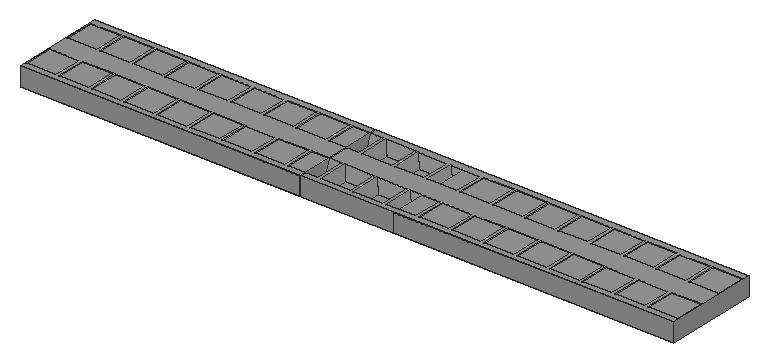
Revit family "2023773", category Lighting Fixtures, host Face, Revit 2018
Family settings
  Host = Face
  Round Connector Dimension = Use Diameter
  Part Type = Normal
  OmniClass Number = 23.80.70.00
  OmniClass Title = Lighting
  Cut with Voids When Loaded = No
  Light Source = Yes
  Shared = No
  Room Calculation Point = No
Parameters (values of type "2023773 OPTIX S 1500 2L D/I HO 4K ALU DA EM")
  Weight = "n/a"
  Wattage Comments = ""
  Wattage = 9.2903 W
  WarrantyStartDate [instance] = "n/a"
  WarrantyGuarantorParts = "n/a"
  WarrantyDurationUnit = "n/a"
  WarrantyDurationParts = ""
  WarrantyDescription = "http://www.sylvania-lighting.com"
  built-in parameter 1150110 = 1 (stored number, unit not read)
  Voltage = 0 V
  URL = "0.98"
  TypeName = "OPTIX SURFACE 1500 2L D/I HO 4000K ALU DALI EM"
  Type Image = <None>
  Type Comments = "n/a"
  built-in parameter 1114217 = 1 (stored number, unit not read)
  Tilt Angle = -90.00°
  built-in parameter 1150109 = 1 (stored number, unit not read)
  built-in parameter 1150134 = 3
  built-in parameter 1150113 = 1 (stored number, unit not read)
  SerialNumber [instance] = "n/a"
  Photometric Web File = "2023773.ies"
  Material_3_SYL = none
  PowerFactor = 0
  PowerConsumption = "Lighting"
  NominalLength = 200 mm
  NominalHeight = 45 mm
  NominalDepth = 200 mm
  Name = "OPTIX SURFACE 1500 2L D/I HO 4000K ALU DALI EM"
  ModelReference = Name  # "OPTIX SURFACE 1500 2L D/I HO 4000K ALU DALI EM"
  ModelNumber = "2023773"
  Model = Name  # "OPTIX SURFACE 1500 2L D/I HO 4000K ALU DALI EM"
  Material = "Feilo Sylvania"
  ManufacturerName = "143 lm/W"
  Manufacturer = ""
  LuminousEfficacy = ""
  built-in parameter 1150105 = 109.82 (stored number, unit not read)
  Lumens = 1380 lm
  LuminaireType = "0"
  built-in parameter 1150115 = 1 (stored number, unit not read)
  LightOutputRatio = "LED"
  built-in parameter 1150137 = (empty or 0)
  built-in parameter 1150139 = (empty or 0)
  LampsType = Lamp  # "n/a"
  LampNominalLuminous = "4000 K"
  LampMacAdamStep = "80"
  LampColourTemperature = "LED"
  LampColourRenderingIndex = "16500"
  built-in parameter 1150112 = 1 (stored number, unit not read)
  built-in parameter 1150114 = 1 (stored number, unit not read)
  Lamp = "n/a"
  Keynote = "n/a"
  InstallationDate [instance] = "n/a"
  InputVoltage = "0"
  InputNominalFrequency = "4000"
  built-in parameter 1150132 = (empty or 0)
  built-in parameter 1150102 = (empty or 0)
  built-in parameter 1150107 = 3200 (stored number, unit not read)
  built-in parameter 1150138 = (empty or 0)
  IngressProtection = "IfcLightFixtureType"
  ImpactProtectionIndex = "IfcLightFixtureType"
  built-in parameter 1150106 = 1.0982 (stored number, unit not read)
  IfcExportType = "IfcLightFixtureType"
  IfcExportAs = "Class I"
  Emit from Circle Diameter = 609.6 mm
  Emit Shape Visible in Rendering = no
  ElectricShockClassification = "143"
  built-in parameter 1150104 = 13.8 (stored number, unit not read)
  DocumentationLiterature = "http://www.sylvania-lighting.com/product/en-int/products/2023773"
  DimmingControlOptions = "n/a"
  Material_2_SYL = none
  Dimming Lamp Color Temperature Shift = <None>
  Description = "OPTIX SURFACE 1500x200 2 LINE D/I HO 4000K ALU DALI EM is a high efficacy low glare luminaire for office and education applications. Direct / Indirect lighting with 80% downlight and 20% uplight ratio for ceiling suspended mounting. Size: 1410x200x45mm. Aluminised plastic extra low glare optics in 2 lines configuration. White RAL9016 fixture body. DALI dimmable. 3hr maintained emergency version.  4000K Neutral White LED, CRI>80, chromaticity tolerance of 3-step MacAdam ellipse. Luminous flux 7000lm. Power consumption 48W. Luminaire efficacy 146lm/W. Lifespan: 60,000 hours L90B10. UGR<16, Luminance at 65°<200 Cd/m2, IK07, IP20. Photobiological safety risk group 1. Electrical protection Class I. Glow wire test 850°C."
  Default Elevation = 1219.2 mm
  CreatedOn = "22/09/2022"
  CreatedBy = "@sylvania-lighting.com"
  Cost = 0
  Color Filter = 16777215
  built-in parameter 1114216 [instance] = (empty or 0)
  ClassificationValue = "EF_70_80"
  ClassificationName = "Uniclass2015"
  Material_1_SYL = none
  BarCode [instance] = "n/a"
  built-in parameter 1114218 = 1 (stored number, unit not read)
  built-in parameter 1150133 = 10 (stored number, unit not read)
  AssetType = "Fixed"
  AssetIdentifier [instance] = "n/a"
  Assembly Code = "D5020200"
  Apparent Load = 49 VA
  Material_4_SYL = none
Reference planes
  plane 1 "Center (Front/Back)": y = 0
  plane 2: z = 0
  plane 3 "Center (Left/Right)": x = 0
  plane 4: x = -100
  plane 5: x = 100
  plane 6: y = 100
  plane 7: y = -100
  plane 8: z = 45
  plane 9: x = -698.5
  plane 10: x = 698.5
  plane 11: x = -633
  plane 12: y = 23
  plane 13: y = -23
  plane 14: x = -563
  plane 15: x = -557
  plane 16: x = -493
  plane 17: x = -487
  plane 18: x = -423
  plane 19: x = -417
  plane 20: x = -353
  plane 21: x = -347
  plane 22: x = -283
  plane 23: x = -277
  plane 24: x = -213
  plane 25: x = -206.997
  plane 26: x = -142.997
  plane 27: x = -136.997
  plane 28: x = -72.997
  plane 29: x = -66.997
  plane 30: x = -2.997
  plane 31: x = 3.003
  plane 32: x = 67.003
  plane 33: x = 73.003
  plane 34: x = 137.003
  plane 35: x = 143.003
  plane 36: x = 207.003
  plane 37: x = 213.003
  plane 38: x = 277.003
  plane 39: x = 283.003
  plane 40: x = 347.003
  plane 41: x = 353.003
  plane 42: x = 417.003
  plane 43: x = 423.003
  plane 44: x = 487.003
  plane 45: x = 493.003
  plane 46: x = 557.003
  plane 47: x = 563.003
  plane 48: x = 627.003
  plane 49: x = 633.003
  plane 50: x = -627
  plane 51: x = 697.011
  plane 52: x = -697
  plane 53: y = -87
  plane 54: y = -55
  plane 55: y = -33.5
  plane 56: y = -76.5
  plane 57: x = -665
  plane 58: x = -643.5
  plane 59: x = -686.5
  plane 60: x = -595
  plane 61: y = -5
  plane 62: z = 52.5
Forms (mm)
  Extrusion 1, solid, material "Aluminum", detail levels medium+fine
    sketch origin (0, 0, 0) x (1, 0, 0) y (0, 1, 0)
      loop
        line (-512.5, 10) -> (-512.5, -10) -> (-487.5, -10) -> (-487.5, 10) -> (-512.5, 10)
    from 0 to 6
  Extrusion 2, solid, material "Aluminum", detail levels medium+fine
    sketch origin (0, 0, 0) x (1, 0, 0) y (0, 1, 0)
      loop
        line (486, 10) -> (486, -10) -> (511, -10) -> (511, 10) -> (486, 10)
    from 0 to 6
  Extrusion 3, solid, material "Aluminum", detail levels medium+fine
    sketch origin (0, 0, 0) x (1, 0, 0) y (0, 1, 0)
      loop
        line (-698.5, 100) -> (-698.5, -100) -> (698.5, -100) -> (698.5, 100) -> (-698.5, 100)
    from 6 to 45
  Extrusion 4, solid, material "Aluminum", detail levels medium+fine
    sketch origin (0, 0, 0) x (1, 0, 0) y (0, 1, 0)
      loop
        line (-100, 100) -> (-698.5, 100) -> (-698.5, -100) -> (-100, -100) -> (-100, 100)
    from 6 to 45
  Extrusion 5, solid, material "Aluminum", detail levels medium+fine
    sketch origin (0, 0, 0) x (1, 0, 0) y (0, 1, 0)
      loop
        line (698.5, 100) -> (100, 100) -> (100, -100) -> (698.5, -100) -> (698.5, 100)
    from 6 to 45
  Blend 6, void
    base sketch origin (0, 0, 0) x (1, 0, 0) y (0, 1, 0)
      loop
        line (-697, -23) -> (-697, -87) -> (-633, -87) -> (-633, -23) -> (-697, -23)
    top sketch origin (0, 0, 0) x (1, 0, 0) y (0, 1, 0)
      loop
        line (-686.5, -33.5) -> (-686.5, -76.5) -> (-643.5, -76.5) -> (-643.5, -33.5) -> (-686.5, -33.5)
    from 45 to 18.5
  Extrusion 7, solid, material "Glass, White, High Luminance", detail levels fine
    sketch origin (0, 0, 0) x (1, 0, 0) y (0, 1, 0)
      loop
        line (-686.5, -33.5) -> (-686.5, -76.5) -> (-643.5, -76.5) -> (-643.5, -33.5) -> (-686.5, -33.5)
    from 18.5 to 20
  Blend 8, void
    base sketch origin (70, 0, 0) x (1, 0, 0) y (0, 1, 0)
      loop
        line (-697, -23) -> (-697, -87) -> (-633, -87) -> (-633, -23) -> (-697, -23)
    top sketch origin (70, 0, 0) x (1, 0, 0) y (0, 1, 0)
      loop
        line (-686.5, -33.5) -> (-686.5, -76.5) -> (-643.5, -76.5) -> (-643.5, -33.5) -> (-686.5, -33.5)
    from 45 to 18.5
  Blend 9, void
    base sketch origin (140, 0, 0) x (1, 0, 0) y (0, 1, 0)
      loop
        line (-697, -23) -> (-697, -87) -> (-633, -87) -> (-633, -23) -> (-697, -23)
    top sketch origin (140, 0, 0) x (1, 0, 0) y (0, 1, 0)
      loop
        line (-686.5, -33.5) -> (-686.5, -76.5) -> (-643.5, -76.5) -> (-643.5, -33.5) -> (-686.5, -33.5)
    from 45 to 18.5
  Blend 10, void
    base sketch origin (210, 0, 0) x (1, 0, 0) y (0, 1, 0)
      loop
        line (-697, -23) -> (-697, -87) -> (-633, -87) -> (-633, -23) -> (-697, -23)
    top sketch origin (210, 0, 0) x (1, 0, 0) y (0, 1, 0)
      loop
        line (-686.5, -33.5) -> (-686.5, -76.5) -> (-643.5, -76.5) -> (-643.5, -33.5) -> (-686.5, -33.5)
    from 45 to 18.5
  Blend 11, void
    base sketch origin (280, 0, 0) x (1, 0, 0) y (0, 1, 0)
      loop
        line (-697, -23) -> (-697, -87) -> (-633, -87) -> (-633, -23) -> (-697, -23)
    top sketch origin (280, 0, 0) x (1, 0, 0) y (0, 1, 0)
      loop
        line (-686.5, -33.5) -> (-686.5, -76.5) -> (-643.5, -76.5) -> (-643.5, -33.5) -> (-686.5, -33.5)
    from 45 to 18.5
  Blend 12, void
    base sketch origin (350, 0, 0) x (1, 0, 0) y (0, 1, 0)
      loop
        line (-697, -23) -> (-697, -87) -> (-633, -87) -> (-633, -23) -> (-697, -23)
    top sketch origin (350, 0, 0) x (1, 0, 0) y (0, 1, 0)
      loop
        line (-686.5, -33.5) -> (-686.5, -76.5) -> (-643.5, -76.5) -> (-643.5, -33.5) -> (-686.5, -33.5)
    from 45 to 18.5
  Blend 13, void
    base sketch origin (420, 0, 0) x (1, 0, 0) y (0, 1, 0)
      loop
        line (-697, -23) -> (-697, -87) -> (-633, -87) -> (-633, -23) -> (-697, -23)
    top sketch origin (420, 0, 0) x (1, 0, 0) y (0, 1, 0)
      loop
        line (-686.5, -33.5) -> (-686.5, -76.5) -> (-643.5, -76.5) -> (-643.5, -33.5) -> (-686.5, -33.5)
    from 45 to 18.5
  Blend 14, void
    base sketch origin (490.003, 0, 0) x (1, 0, 0) y (0, 1, 0)
      loop
        line (-697, -23) -> (-697, -87) -> (-633, -87) -> (-633, -23) -> (-697, -23)
    top sketch origin (490.003, 0, 0) x (1, 0, 0) y (0, 1, 0)
      loop
        line (-686.5, -33.5) -> (-686.5, -76.5) -> (-643.5, -76.5) -> (-643.5, -33.5) -> (-686.5, -33.5)
    from 45 to 18.5
  Blend 15, void
    base sketch origin (560.003, 0, 0) x (1, 0, 0) y (0, 1, 0)
      loop
        line (-697, -23) -> (-697, -87) -> (-633, -87) -> (-633, -23) -> (-697, -23)
    top sketch origin (560.003, 0, 0) x (1, 0, 0) y (0, 1, 0)
      loop
        line (-686.5, -33.5) -> (-686.5, -76.5) -> (-643.5, -76.5) -> (-643.5, -33.5) -> (-686.5, -33.5)
    from 45 to 18.5
  Blend 16, void
    base sketch origin (630.003, 0, 0) x (1, 0, 0) y (0, 1, 0)
      loop
        line (-697, -23) -> (-697, -87) -> (-633, -87) -> (-633, -23) -> (-697, -23)
    top sketch origin (630.003, 0, 0) x (1, 0, 0) y (0, 1, 0)
      loop
        line (-686.5, -33.5) -> (-686.5, -76.5) -> (-643.5, -76.5) -> (-643.5, -33.5) -> (-686.5, -33.5)
    from 45 to 18.5
  Blend 17, void
    base sketch origin (700.003, 0, 0) x (1, 0, 0) y (0, 1, 0)
      loop
        line (-697, -23) -> (-697, -87) -> (-633, -87) -> (-633, -23) -> (-697, -23)
    top sketch origin (700.003, 0, 0) x (1, 0, 0) y (0, 1, 0)
      loop
        line (-686.5, -33.5) -> (-686.5, -76.5) -> (-643.5, -76.5) -> (-643.5, -33.5) -> (-686.5, -33.5)
    from 45 to 18.5
  Blend 18, void
    base sketch origin (770.003, 0, 0) x (1, 0, 0) y (0, 1, 0)
      loop
        line (-697, -23) -> (-697, -87) -> (-633, -87) -> (-633, -23) -> (-697, -23)
    top sketch origin (770.003, 0, 0) x (1, 0, 0) y (0, 1, 0)
      loop
        line (-686.5, -33.5) -> (-686.5, -76.5) -> (-643.5, -76.5) -> (-643.5, -33.5) -> (-686.5, -33.5)
    from 45 to 18.5
  Blend 19, void
    base sketch origin (840.003, 0, 0) x (1, 0, 0) y (0, 1, 0)
      loop
        line (-697, -23) -> (-697, -87) -> (-633, -87) -> (-633, -23) -> (-697, -23)
    top sketch origin (840.003, 0, 0) x (1, 0, 0) y (0, 1, 0)
      loop
        line (-686.5, -33.5) -> (-686.5, -76.5) -> (-643.5, -76.5) -> (-643.5, -33.5) -> (-686.5, -33.5)
    from 45 to 18.5
  Blend 20, void
    base sketch origin (910.003, 0, 0) x (1, 0, 0) y (0, 1, 0)
      loop
        line (-697, -23) -> (-697, -87) -> (-633, -87) -> (-633, -23) -> (-697, -23)
    top sketch origin (910.003, 0, 0) x (1, 0, 0) y (0, 1, 0)
      loop
        line (-686.5, -33.5) -> (-686.5, -76.5) -> (-643.5, -76.5) -> (-643.5, -33.5) -> (-686.5, -33.5)
    from 45 to 18.5
  Blend 21, void
    base sketch origin (980.003, 0, 0) x (1, 0, 0) y (0, 1, 0)
      loop
        line (-697, -23) -> (-697, -87) -> (-633, -87) -> (-633, -23) -> (-697, -23)
    top sketch origin (980.003, 0, 0) x (1, 0, 0) y (0, 1, 0)
      loop
        line (-686.5, -33.5) -> (-686.5, -76.5) -> (-643.5, -76.5) -> (-643.5, -33.5) -> (-686.5, -33.5)
    from 45 to 18.5
  Blend 22, void
    base sketch origin (1050.003, 0, 0) x (1, 0, 0) y (0, 1, 0)
      loop
        line (-697, -23) -> (-697, -87) -> (-633, -87) -> (-633, -23) -> (-697, -23)
    top sketch origin (1050.003, 0, 0) x (1, 0, 0) y (0, 1, 0)
      loop
        line (-686.5, -33.5) -> (-686.5, -76.5) -> (-643.5, -76.5) -> (-643.5, -33.5) -> (-686.5, -33.5)
    from 45 to 18.5
  Blend 23, void
    base sketch origin (1120.003, 0, 0) x (1, 0, 0) y (0, 1, 0)
      loop
        line (-697, -23) -> (-697, -87) -> (-633, -87) -> (-633, -23) -> (-697, -23)
    top sketch origin (1120.003, 0, 0) x (1, 0, 0) y (0, 1, 0)
      loop
        line (-686.5, -33.5) -> (-686.5, -76.5) -> (-643.5, -76.5) -> (-643.5, -33.5) -> (-686.5, -33.5)
    from 45 to 18.5
  Blend 24, void
    base sketch origin (1190.003, 0, 0) x (1, 0, 0) y (0, 1, 0)
      loop
        line (-697, -23) -> (-697, -87) -> (-633, -87) -> (-633, -23) -> (-697, -23)
    top sketch origin (1190.003, 0, 0) x (1, 0, 0) y (0, 1, 0)
      loop
        line (-686.5, -33.5) -> (-686.5, -76.5) -> (-643.5, -76.5) -> (-643.5, -33.5) -> (-686.5, -33.5)
    from 45 to 18.5
  Blend 25, void
    base sketch origin (1260.003, 0, 0) x (1, 0, 0) y (0, 1, 0)
      loop
        line (-697, -23) -> (-697, -87) -> (-633, -87) -> (-633, -23) -> (-697, -23)
    top sketch origin (1260.003, 0, 0) x (1, 0, 0) y (0, 1, 0)
      loop
        line (-686.5, -33.5) -> (-686.5, -76.5) -> (-643.5, -76.5) -> (-643.5, -33.5) -> (-686.5, -33.5)
    from 45 to 18.5
  Blend 26, void
    base sketch origin (1330.003, 0, 0) x (1, 0, 0) y (0, 1, 0)
      loop
        line (-697, -23) -> (-697, -87) -> (-633, -87) -> (-633, -23) -> (-697, -23)
    top sketch origin (1330.003, 0, 0) x (1, 0, 0) y (0, 1, 0)
      loop
        line (-686.5, -33.5) -> (-686.5, -76.5) -> (-643.5, -76.5) -> (-643.5, -33.5) -> (-686.5, -33.5)
    from 45 to 18.5
  Extrusion 27, solid, material "Glass, White, High Luminance", detail levels fine
    sketch origin (70, 0, 0) x (1, 0, 0) y (0, 1, 0)
      loop
        line (-686.5, -33.5) -> (-686.5, -76.5) -> (-643.5, -76.5) -> (-643.5, -33.5) -> (-686.5, -33.5)
    from 18.5 to 20
  Extrusion 28, solid, material "Glass, White, High Luminance", detail levels fine
    sketch origin (140, 0, 0) x (1, 0, 0) y (0, 1, 0)
      loop
        line (-686.5, -33.5) -> (-686.5, -76.5) -> (-643.5, -76.5) -> (-643.5, -33.5) -> (-686.5, -33.5)
    from 18.5 to 20
  Extrusion 29, solid, material "Glass, White, High Luminance", detail levels fine
    sketch origin (210, 0, 0) x (1, 0, 0) y (0, 1, 0)
      loop
        line (-686.5, -33.5) -> (-686.5, -76.5) -> (-643.5, -76.5) -> (-643.5, -33.5) -> (-686.5, -33.5)
    from 18.5 to 20
  Extrusion 30, solid, material "Glass, White, High Luminance", detail levels fine
    sketch origin (280, 0, 0) x (1, 0, 0) y (0, 1, 0)
      loop
        line (-686.5, -33.5) -> (-686.5, -76.5) -> (-643.5, -76.5) -> (-643.5, -33.5) -> (-686.5, -33.5)
    from 18.5 to 20
  Extrusion 31, solid, material "Glass, White, High Luminance", detail levels fine
    sketch origin (350, 0, 0) x (1, 0, 0) y (0, 1, 0)
      loop
        line (-686.5, -33.5) -> (-686.5, -76.5) -> (-643.5, -76.5) -> (-643.5, -33.5) -> (-686.5, -33.5)
    from 18.5 to 20
  Extrusion 32, solid, material "Glass, White, High Luminance", detail levels fine
    sketch origin (420, 0, 0) x (1, 0, 0) y (0, 1, 0)
      loop
        line (-686.5, -33.5) -> (-686.5, -76.5) -> (-643.5, -76.5) -> (-643.5, -33.5) -> (-686.5, -33.5)
    from 18.5 to 20
  Extrusion 33, solid, material "Glass, White, High Luminance", detail levels fine
    sketch origin (490.003, 0, 0) x (1, 0, 0) y (0, 1, 0)
      loop
        line (-686.5, -33.5) -> (-686.5, -76.5) -> (-643.5, -76.5) -> (-643.5, -33.5) -> (-686.5, -33.5)
    from 18.5 to 20
  Extrusion 34, solid, material "Glass, White, High Luminance", detail levels fine
    sketch origin (560.003, 0, 0) x (1, 0, 0) y (0, 1, 0)
      loop
        line (-686.5, -33.5) -> (-686.5, -76.5) -> (-643.5, -76.5) -> (-643.5, -33.5) -> (-686.5, -33.5)
    from 18.5 to 20
  Extrusion 35, solid, material "Glass, White, High Luminance", detail levels fine
    sketch origin (630.003, 0, 0) x (1, 0, 0) y (0, 1, 0)
      loop
        line (-686.5, -33.5) -> (-686.5, -76.5) -> (-643.5, -76.5) -> (-643.5, -33.5) -> (-686.5, -33.5)
    from 18.5 to 20
  Extrusion 36, solid, material "Glass, White, High Luminance", detail levels fine
    sketch origin (700.003, 0, 0) x (1, 0, 0) y (0, 1, 0)
      loop
        line (-686.5, -33.5) -> (-686.5, -76.5) -> (-643.5, -76.5) -> (-643.5, -33.5) -> (-686.5, -33.5)
    from 18.5 to 20
  Extrusion 37, solid, material "Glass, White, High Luminance", detail levels fine
    sketch origin (770.003, 0, 0) x (1, 0, 0) y (0, 1, 0)
      loop
        line (-686.5, -33.5) -> (-686.5, -76.5) -> (-643.5, -76.5) -> (-643.5, -33.5) -> (-686.5, -33.5)
    from 18.5 to 20
  Extrusion 38, solid, material "Glass, White, High Luminance", detail levels fine
    sketch origin (840.003, 0, 0) x (1, 0, 0) y (0, 1, 0)
      loop
        line (-686.5, -33.5) -> (-686.5, -76.5) -> (-643.5, -76.5) -> (-643.5, -33.5) -> (-686.5, -33.5)
    from 18.5 to 20
  Extrusion 39, solid, material "Glass, White, High Luminance", detail levels fine
    sketch origin (910.003, 0, 0) x (1, 0, 0) y (0, 1, 0)
      loop
        line (-686.5, -33.5) -> (-686.5, -76.5) -> (-643.5, -76.5) -> (-643.5, -33.5) -> (-686.5, -33.5)
    from 18.5 to 20
  Extrusion 40, solid, material "Glass, White, High Luminance", detail levels fine
    sketch origin (980.003, 0, 0) x (1, 0, 0) y (0, 1, 0)
      loop
        line (-686.5, -33.5) -> (-686.5, -76.5) -> (-643.5, -76.5) -> (-643.5, -33.5) -> (-686.5, -33.5)
    from 18.5 to 20
  Extrusion 41, solid, material "Glass, White, High Luminance", detail levels fine
    sketch origin (1050.003, 0, 0) x (1, 0, 0) y (0, 1, 0)
      loop
        line (-686.5, -33.5) -> (-686.5, -76.5) -> (-643.5, -76.5) -> (-643.5, -33.5) -> (-686.5, -33.5)
    from 18.5 to 20
  Extrusion 42, solid, material "Glass, White, High Luminance", detail levels fine
    sketch origin (1120.003, 0, 0) x (1, 0, 0) y (0, 1, 0)
      loop
        line (-686.5, -33.5) -> (-686.5, -76.5) -> (-643.5, -76.5) -> (-643.5, -33.5) -> (-686.5, -33.5)
    from 18.5 to 20
  Extrusion 43, solid, material "Glass, White, High Luminance", detail levels fine
    sketch origin (1190.003, 0, 0) x (1, 0, 0) y (0, 1, 0)
      loop
        line (-686.5, -33.5) -> (-686.5, -76.5) -> (-643.5, -76.5) -> (-643.5, -33.5) -> (-686.5, -33.5)
    from 18.5 to 20
  Extrusion 44, solid, material "Glass, White, High Luminance", detail levels fine
    sketch origin (1260.003, 0, 0) x (1, 0, 0) y (0, 1, 0)
      loop
        line (-686.5, -33.5) -> (-686.5, -76.5) -> (-643.5, -76.5) -> (-643.5, -33.5) -> (-686.5, -33.5)
    from 18.5 to 20
  Extrusion 45, solid, material "Glass, White, High Luminance", detail levels fine
    sketch origin (1330.003, 0, 0) x (1, 0, 0) y (0, 1, 0)
      loop
        line (-686.5, -33.5) -> (-686.5, -76.5) -> (-643.5, -76.5) -> (-643.5, -33.5) -> (-686.5, -33.5)
    from 18.5 to 20
  Blend 46, void
    base sketch origin (0, 110, 0) x (1, 0, 0) y (0, 1, 0)
      loop
        line (-697, -23) -> (-697, -87) -> (-633, -87) -> (-633, -23) -> (-697, -23)
    top sketch origin (0, 110, 0) x (1, 0, 0) y (0, 1, 0)
      loop
        line (-686.5, -33.5) -> (-686.5, -76.5) -> (-643.5, -76.5) -> (-643.5, -33.5) -> (-686.5, -33.5)
    from 45 to 18.5
  Blend 47, void
    base sketch origin (70, 110, 0) x (1, 0, 0) y (0, 1, 0)
      loop
        line (-697, -23) -> (-697, -87) -> (-633, -87) -> (-633, -23) -> (-697, -23)
    top sketch origin (70, 110, 0) x (1, 0, 0) y (0, 1, 0)
      loop
        line (-686.5, -33.5) -> (-686.5, -76.5) -> (-643.5, -76.5) -> (-643.5, -33.5) -> (-686.5, -33.5)
    from 45 to 18.5
  Blend 48, void
    base sketch origin (140, 110, 0) x (1, 0, 0) y (0, 1, 0)
      loop
        line (-697, -23) -> (-697, -87) -> (-633, -87) -> (-633, -23) -> (-697, -23)
    top sketch origin (140, 110, 0) x (1, 0, 0) y (0, 1, 0)
      loop
        line (-686.5, -33.5) -> (-686.5, -76.5) -> (-643.5, -76.5) -> (-643.5, -33.5) -> (-686.5, -33.5)
    from 45 to 18.5
  Blend 49, void
    base sketch origin (210, 110, 0) x (1, 0, 0) y (0, 1, 0)
      loop
        line (-697, -23) -> (-697, -87) -> (-633, -87) -> (-633, -23) -> (-697, -23)
    top sketch origin (210, 110, 0) x (1, 0, 0) y (0, 1, 0)
      loop
        line (-686.5, -33.5) -> (-686.5, -76.5) -> (-643.5, -76.5) -> (-643.5, -33.5) -> (-686.5, -33.5)
    from 45 to 18.5
  Blend 50, void
    base sketch origin (280, 110, 0) x (1, 0, 0) y (0, 1, 0)
      loop
        line (-697, -23) -> (-697, -87) -> (-633, -87) -> (-633, -23) -> (-697, -23)
    top sketch origin (280, 110, 0) x (1, 0, 0) y (0, 1, 0)
      loop
        line (-686.5, -33.5) -> (-686.5, -76.5) -> (-643.5, -76.5) -> (-643.5, -33.5) -> (-686.5, -33.5)
    from 45 to 18.5
  Blend 51, void
    base sketch origin (350, 110, 0) x (1, 0, 0) y (0, 1, 0)
      loop
        line (-697, -23) -> (-697, -87) -> (-633, -87) -> (-633, -23) -> (-697, -23)
    top sketch origin (350, 110, 0) x (1, 0, 0) y (0, 1, 0)
      loop
        line (-686.5, -33.5) -> (-686.5, -76.5) -> (-643.5, -76.5) -> (-643.5, -33.5) -> (-686.5, -33.5)
    from 45 to 18.5
  Blend 52, void
    base sketch origin (420, 110, 0) x (1, 0, 0) y (0, 1, 0)
      loop
        line (-697, -23) -> (-697, -87) -> (-633, -87) -> (-633, -23) -> (-697, -23)
    top sketch origin (420, 110, 0) x (1, 0, 0) y (0, 1, 0)
      loop
        line (-686.5, -33.5) -> (-686.5, -76.5) -> (-643.5, -76.5) -> (-643.5, -33.5) -> (-686.5, -33.5)
    from 45 to 18.5
  Blend 53, void
    base sketch origin (490.003, 110, 0) x (1, 0, 0) y (0, 1, 0)
      loop
        line (-697, -23) -> (-697, -87) -> (-633, -87) -> (-633, -23) -> (-697, -23)
    top sketch origin (490.003, 110, 0) x (1, 0, 0) y (0, 1, 0)
      loop
        line (-686.5, -33.5) -> (-686.5, -76.5) -> (-643.5, -76.5) -> (-643.5, -33.5) -> (-686.5, -33.5)
    from 45 to 18.5
  Blend 54, void
    base sketch origin (560.003, 110, 0) x (1, 0, 0) y (0, 1, 0)
      loop
        line (-697, -23) -> (-697, -87) -> (-633, -87) -> (-633, -23) -> (-697, -23)
    top sketch origin (560.003, 110, 0) x (1, 0, 0) y (0, 1, 0)
      loop
        line (-686.5, -33.5) -> (-686.5, -76.5) -> (-643.5, -76.5) -> (-643.5, -33.5) -> (-686.5, -33.5)
    from 45 to 18.5
  Blend 55, void
    base sketch origin (630.003, 110, 0) x (1, 0, 0) y (0, 1, 0)
      loop
        line (-697, -23) -> (-697, -87) -> (-633, -87) -> (-633, -23) -> (-697, -23)
    top sketch origin (630.003, 110, 0) x (1, 0, 0) y (0, 1, 0)
      loop
        line (-686.5, -33.5) -> (-686.5, -76.5) -> (-643.5, -76.5) -> (-643.5, -33.5) -> (-686.5, -33.5)
    from 45 to 18.5
  Blend 56, void
    base sketch origin (700.003, 110, 0) x (1, 0, 0) y (0, 1, 0)
      loop
        line (-697, -23) -> (-697, -87) -> (-633, -87) -> (-633, -23) -> (-697, -23)
    top sketch origin (700.003, 110, 0) x (1, 0, 0) y (0, 1, 0)
      loop
        line (-686.5, -33.5) -> (-686.5, -76.5) -> (-643.5, -76.5) -> (-643.5, -33.5) -> (-686.5, -33.5)
    from 45 to 18.5
  Blend 57, void
    base sketch origin (770.003, 110, 0) x (1, 0, 0) y (0, 1, 0)
      loop
        line (-697, -23) -> (-697, -87) -> (-633, -87) -> (-633, -23) -> (-697, -23)
    top sketch origin (770.003, 110, 0) x (1, 0, 0) y (0, 1, 0)
      loop
        line (-686.5, -33.5) -> (-686.5, -76.5) -> (-643.5, -76.5) -> (-643.5, -33.5) -> (-686.5, -33.5)
    from 45 to 18.5
  Blend 58, void
    base sketch origin (840.003, 110, 0) x (1, 0, 0) y (0, 1, 0)
      loop
        line (-697, -23) -> (-697, -87) -> (-633, -87) -> (-633, -23) -> (-697, -23)
    top sketch origin (840.003, 110, 0) x (1, 0, 0) y (0, 1, 0)
      loop
        line (-686.5, -33.5) -> (-686.5, -76.5) -> (-643.5, -76.5) -> (-643.5, -33.5) -> (-686.5, -33.5)
    from 45 to 18.5
  Blend 59, void
    base sketch origin (910.003, 110, 0) x (1, 0, 0) y (0, 1, 0)
      loop
        line (-697, -23) -> (-697, -87) -> (-633, -87) -> (-633, -23) -> (-697, -23)
    top sketch origin (910.003, 110, 0) x (1, 0, 0) y (0, 1, 0)
      loop
        line (-686.5, -33.5) -> (-686.5, -76.5) -> (-643.5, -76.5) -> (-643.5, -33.5) -> (-686.5, -33.5)
    from 45 to 18.5
  Blend 60, void
    base sketch origin (980.003, 110, 0) x (1, 0, 0) y (0, 1, 0)
      loop
        line (-697, -23) -> (-697, -87) -> (-633, -87) -> (-633, -23) -> (-697, -23)
    top sketch origin (980.003, 110, 0) x (1, 0, 0) y (0, 1, 0)
      loop
        line (-686.5, -33.5) -> (-686.5, -76.5) -> (-643.5, -76.5) -> (-643.5, -33.5) -> (-686.5, -33.5)
    from 45 to 18.5
  Blend 61, void
    base sketch origin (1050.003, 110, 0) x (1, 0, 0) y (0, 1, 0)
      loop
        line (-697, -23) -> (-697, -87) -> (-633, -87) -> (-633, -23) -> (-697, -23)
    top sketch origin (1050.003, 110, 0) x (1, 0, 0) y (0, 1, 0)
      loop
        line (-686.5, -33.5) -> (-686.5, -76.5) -> (-643.5, -76.5) -> (-643.5, -33.5) -> (-686.5, -33.5)
    from 45 to 18.5
  Blend 62, void
    base sketch origin (1120.003, 110, 0) x (1, 0, 0) y (0, 1, 0)
      loop
        line (-697, -23) -> (-697, -87) -> (-633, -87) -> (-633, -23) -> (-697, -23)
    top sketch origin (1120.003, 110, 0) x (1, 0, 0) y (0, 1, 0)
      loop
        line (-686.5, -33.5) -> (-686.5, -76.5) -> (-643.5, -76.5) -> (-643.5, -33.5) -> (-686.5, -33.5)
    from 45 to 18.5
  Blend 63, void
    base sketch origin (1190.003, 110, 0) x (1, 0, 0) y (0, 1, 0)
      loop
        line (-697, -23) -> (-697, -87) -> (-633, -87) -> (-633, -23) -> (-697, -23)
    top sketch origin (1190.003, 110, 0) x (1, 0, 0) y (0, 1, 0)
      loop
        line (-686.5, -33.5) -> (-686.5, -76.5) -> (-643.5, -76.5) -> (-643.5, -33.5) -> (-686.5, -33.5)
    from 45 to 18.5
  Blend 64, void
    base sketch origin (1260.003, 110, 0) x (1, 0, 0) y (0, 1, 0)
      loop
        line (-697, -23) -> (-697, -87) -> (-633, -87) -> (-633, -23) -> (-697, -23)
    top sketch origin (1260.003, 110, 0) x (1, 0, 0) y (0, 1, 0)
      loop
        line (-686.5, -33.5) -> (-686.5, -76.5) -> (-643.5, -76.5) -> (-643.5, -33.5) -> (-686.5, -33.5)
    from 45 to 18.5
  Blend 65, void
    base sketch origin (1330.003, 110, 0) x (1, 0, 0) y (0, 1, 0)
      loop
        line (-697, -23) -> (-697, -87) -> (-633, -87) -> (-633, -23) -> (-697, -23)
    top sketch origin (1330.003, 110, 0) x (1, 0, 0) y (0, 1, 0)
      loop
        line (-686.5, -33.5) -> (-686.5, -76.5) -> (-643.5, -76.5) -> (-643.5, -33.5) -> (-686.5, -33.5)
    from 45 to 18.5
  Extrusion 66, solid, material "Glass, White, High Luminance", detail levels fine
    sketch origin (0, 110, 0) x (1, 0, 0) y (0, 1, 0)
      loop
        line (-686.5, -33.5) -> (-686.5, -76.5) -> (-643.5, -76.5) -> (-643.5, -33.5) -> (-686.5, -33.5)
    from 18.5 to 20
  Extrusion 67, solid, material "Glass, White, High Luminance", detail levels fine
    sketch origin (70, 110, 0) x (1, 0, 0) y (0, 1, 0)
      loop
        line (-686.5, -33.5) -> (-686.5, -76.5) -> (-643.5, -76.5) -> (-643.5, -33.5) -> (-686.5, -33.5)
    from 18.5 to 20
  Extrusion 68, solid, material "Glass, White, High Luminance", detail levels fine
    sketch origin (140, 110, 0) x (1, 0, 0) y (0, 1, 0)
      loop
        line (-686.5, -33.5) -> (-686.5, -76.5) -> (-643.5, -76.5) -> (-643.5, -33.5) -> (-686.5, -33.5)
    from 18.5 to 20
  Extrusion 69, solid, material "Glass, White, High Luminance", detail levels fine
    sketch origin (210, 110, 0) x (1, 0, 0) y (0, 1, 0)
      loop
        line (-686.5, -33.5) -> (-686.5, -76.5) -> (-643.5, -76.5) -> (-643.5, -33.5) -> (-686.5, -33.5)
    from 18.5 to 20
  Extrusion 70, solid, material "Glass, White, High Luminance", detail levels fine
    sketch origin (280, 110, 0) x (1, 0, 0) y (0, 1, 0)
      loop
        line (-686.5, -33.5) -> (-686.5, -76.5) -> (-643.5, -76.5) -> (-643.5, -33.5) -> (-686.5, -33.5)
    from 18.5 to 20
  Extrusion 71, solid, material "Glass, White, High Luminance", detail levels fine
    sketch origin (350, 110, 0) x (1, 0, 0) y (0, 1, 0)
      loop
        line (-686.5, -33.5) -> (-686.5, -76.5) -> (-643.5, -76.5) -> (-643.5, -33.5) -> (-686.5, -33.5)
    from 18.5 to 20
  Extrusion 72, solid, material "Glass, White, High Luminance", detail levels fine
    sketch origin (420, 110, 0) x (1, 0, 0) y (0, 1, 0)
      loop
        line (-686.5, -33.5) -> (-686.5, -76.5) -> (-643.5, -76.5) -> (-643.5, -33.5) -> (-686.5, -33.5)
    from 18.5 to 20
  Extrusion 73, solid, material "Glass, White, High Luminance", detail levels fine
    sketch origin (700.003, 110, 0) x (1, 0, 0) y (0, 1, 0)
      loop
        line (-686.5, -33.5) -> (-686.5, -76.5) -> (-643.5, -76.5) -> (-643.5, -33.5) -> (-686.5, -33.5)
    from 18.5 to 20
  Extrusion 74, solid, material "Glass, White, High Luminance", detail levels fine
    sketch origin (770.003, 110, 0) x (1, 0, 0) y (0, 1, 0)
      loop
        line (-686.5, -33.5) -> (-686.5, -76.5) -> (-643.5, -76.5) -> (-643.5, -33.5) -> (-686.5, -33.5)
    from 18.5 to 20
  Extrusion 75, solid, material "Glass, White, High Luminance", detail levels fine
    sketch origin (840.003, 110, 0) x (1, 0, 0) y (0, 1, 0)
      loop
        line (-686.5, -33.5) -> (-686.5, -76.5) -> (-643.5, -76.5) -> (-643.5, -33.5) -> (-686.5, -33.5)
    from 18.5 to 20
  Extrusion 76, solid, material "Glass, White, High Luminance", detail levels fine
    sketch origin (910.003, 110, 0) x (1, 0, 0) y (0, 1, 0)
      loop
        line (-686.5, -33.5) -> (-686.5, -76.5) -> (-643.5, -76.5) -> (-643.5, -33.5) -> (-686.5, -33.5)
    from 18.5 to 20
  Extrusion 77, solid, material "Glass, White, High Luminance", detail levels fine
    sketch origin (980.003, 110, 0) x (1, 0, 0) y (0, 1, 0)
      loop
        line (-686.5, -33.5) -> (-686.5, -76.5) -> (-643.5, -76.5) -> (-643.5, -33.5) -> (-686.5, -33.5)
    from 18.5 to 20
  Extrusion 78, solid, material "Glass, White, High Luminance", detail levels fine
    sketch origin (1050.003, 110, 0) x (1, 0, 0) y (0, 1, 0)
      loop
        line (-686.5, -33.5) -> (-686.5, -76.5) -> (-643.5, -76.5) -> (-643.5, -33.5) -> (-686.5, -33.5)
    from 18.5 to 20
  Extrusion 79, solid, material "Glass, White, High Luminance", detail levels fine
    sketch origin (1120.003, 110, 0) x (1, 0, 0) y (0, 1, 0)
      loop
        line (-686.5, -33.5) -> (-686.5, -76.5) -> (-643.5, -76.5) -> (-643.5, -33.5) -> (-686.5, -33.5)
    from 18.5 to 20
  Extrusion 80, solid, material "Glass, White, High Luminance", detail levels fine
    sketch origin (1190.003, 110, 0) x (1, 0, 0) y (0, 1, 0)
      loop
        line (-686.5, -33.5) -> (-686.5, -76.5) -> (-643.5, -76.5) -> (-643.5, -33.5) -> (-686.5, -33.5)
    from 18.5 to 20
  Extrusion 81, solid, material "Glass, White, High Luminance", detail levels fine
    sketch origin (1260.003, 110, 0) x (1, 0, 0) y (0, 1, 0)
      loop
        line (-686.5, -33.5) -> (-686.5, -76.5) -> (-643.5, -76.5) -> (-643.5, -33.5) -> (-686.5, -33.5)
    from 18.5 to 20
  Extrusion 82, solid, material "Glass, White, High Luminance", detail levels fine
    sketch origin (1330.003, 110, 0) x (1, 0, 0) y (0, 1, 0)
      loop
        line (-686.5, -33.5) -> (-686.5, -76.5) -> (-643.5, -76.5) -> (-643.5, -33.5) -> (-686.5, -33.5)
    from 18.5 to 20
  Extrusion 83, solid, material "Glass, White, High Luminance", detail levels fine
    sketch origin (490.003, 110, 0) x (1, 0, 0) y (0, 1, 0)
      loop
        line (-686.5, -33.5) -> (-686.5, -76.5) -> (-643.5, -76.5) -> (-643.5, -33.5) -> (-686.5, -33.5)
    from 18.5 to 20
  Extrusion 84, solid, material "Glass, White, High Luminance", detail levels fine
    sketch origin (560.003, 110, 0) x (1, 0, 0) y (0, 1, 0)
      loop
        line (-686.5, -33.5) -> (-686.5, -76.5) -> (-643.5, -76.5) -> (-643.5, -33.5) -> (-686.5, -33.5)
    from 18.5 to 20
  Extrusion 85, solid, material "Glass, White, High Luminance", detail levels fine
    sketch origin (630.003, 110, 0) x (1, 0, 0) y (0, 1, 0)
      loop
        line (-686.5, -33.5) -> (-686.5, -76.5) -> (-643.5, -76.5) -> (-643.5, -33.5) -> (-686.5, -33.5)
    from 18.5 to 20
  Extrusion 86, solid, detail levels coarse
    sketch origin (0, 0, 0) x (1, 0, 0) y (0, 1, 0)
      loop
        line (-100, 100) -> (-100, -100) -> (100, -100) -> (100, 100) -> (-100, 100)
    from 0 to 45
Cuts and joins
  Blend 6, Blend 8, Blend 9, Blend 10, Blend 11, Blend 12, Blend 13, Blend 14, Blend 15, Blend 16, Blend 17, Blend 18, Blend 19, Blend 20, Blend 21, Blend 22, Blend 23, Blend 24, Blend 25, Blend 26, Blend 46, Blend 47, Blend 48, Blend 49, Blend 50, Blend 51, Blend 52, Blend 53, Blend 54, Blend 55, Blend 56, Blend 57, Blend 58, Blend 59, Blend 60, Blend 61, Blend 62, Blend 63, Blend 64, Blend 65 cuts Extrusion 3
  Blend 8, Blend 46 cuts Extrusion 7
  Blend 47 cuts Extrusion 27
  Blend 48 cuts Extrusion 28
  Blend 49 cuts Extrusion 29
  Blend 50 cuts Extrusion 30
  Blend 51 cuts Extrusion 31
  Blend 52 cuts Extrusion 32
  Blend 53 cuts Extrusion 33
  Blend 54 cuts Extrusion 34
  Blend 55 cuts Extrusion 35
  Blend 56 cuts Extrusion 36
  Blend 57 cuts Extrusion 37
  Blend 58 cuts Extrusion 38
  Blend 59 cuts Extrusion 39
  Blend 60 cuts Extrusion 40
  Blend 61 cuts Extrusion 41
  Blend 62 cuts Extrusion 42
  Blend 63 cuts Extrusion 43
  Blend 64 cuts Extrusion 44
  Blend 65 cuts Extrusion 45
Dimensions and locks
  "NominalLength": plane 4 to plane 5
  equal spacing: plane 4, plane 3 "Center (Left/Right)", plane 5
  "NominalDepth": plane 6 to plane 7
  equal spacing: plane 6, plane 1 "Center (Front/Back)", plane 7
  "NominalHeight": plane 8 to level
  aligned and locked: plane 2 to host face
  aligned and locked: level to host face
Automatic sketch dimensions
  host sketch curve to host sketch curve = 2438.4 mm  (x2)
  Extrusion 1 sketch curve to plane 16 = 19.5 mm
  Extrusion 1 sketch curve to plane 17 = 0.5 mm
  plane 1 "Center (Front/Back)" to Extrusion 1 sketch curve = 10 mm
  Extrusion 1 sketch curve to plane 1 "Center (Front/Back)" = 10 mm
  Extrusion 2 sketch curve to plane 44 = 1.003 mm
  plane 45 to Extrusion 2 sketch curve = 17.997 mm
  plane 1 "Center (Front/Back)" to Extrusion 2 sketch curve = 10 mm
  Extrusion 2 sketch curve to plane 1 "Center (Front/Back)" = 10 mm
  Extrusion 3 sketch curve to plane 7 = 0 mm
  Extrusion 3 sketch curve to plane 9 = 0 mm
  Extrusion 3 sketch curve to plane 10 = 0 mm
  Extrusion 3 sketch curve to plane 6 = 0 mm
  Extrusion 4 sketch curve to plane 4 = 0 mm
  Extrusion 4 sketch curve to plane 7 = 0 mm
  Extrusion 4 sketch curve to plane 9 = 0 mm
  Extrusion 4 sketch curve to plane 6 = 0 mm
  Extrusion 5 sketch curve to plane 7 = 0 mm
  Extrusion 5 sketch curve to plane 10 = 0 mm
  Extrusion 5 sketch curve to plane 5 = 0 mm
  Extrusion 5 sketch curve to plane 6 = 0 mm
  Blend 6 sketch curve to plane 52 = 0 mm
  Blend 6 sketch curve to plane 11 = 0 mm
  Blend 6 sketch curve to plane 53 = 0 mm
  Blend 6 sketch curve to plane 13 = 0 mm
  Blend 6 sketch curve to plane 56 = 0 mm
  Blend 6 sketch curve to plane 59 = 0 mm
  Blend 6 sketch curve to plane 58 = 0 mm
  Blend 6 sketch curve to plane 55 = 0 mm
  Extrusion 7 sketch curve to plane 56 = 0 mm
  Extrusion 7 sketch curve to plane 59 = 0 mm
  Extrusion 7 sketch curve to plane 58 = 0 mm
  Extrusion 7 sketch curve to plane 55 = 0 mm
  Blend 8 sketch curve to plane 50 = 0 mm
  Blend 8 sketch curve to plane 14 = 0 mm
  Blend 8 sketch curve to plane 53 = 0 mm
  Blend 8 sketch curve to plane 13 = 0 mm
  Blend 8 sketch curve to plane 56 = 0 mm
  Blend 8 sketch curve to plane 55 = 0 mm
  plane 50 to Blend 8 sketch curve = 10.5 mm
  Blend 8 sketch curve to plane 14 = 10.5 mm
  Blend 9 sketch curve to plane 15 = 0 mm
  Blend 9 sketch curve to plane 16 = 0 mm
  plane 53 to Blend 9 sketch curve = 0 mm
  Blend 9 sketch curve to plane 13 = 0 mm
  plane 56 to Blend 9 sketch curve = 0 mm
  plane 55 to Blend 9 sketch curve = 0 mm
  plane 15 to Blend 9 sketch curve = 10.5 mm
  Blend 9 sketch curve to plane 16 = 10.5 mm
  Blend 10 sketch curve to plane 17 = 0 mm
  Blend 10 sketch curve to plane 18 = 0 mm
  plane 53 to Blend 10 sketch curve = 0 mm
  Blend 10 sketch curve to plane 13 = 0 mm
  plane 56 to Blend 10 sketch curve = 0 mm
  plane 55 to Blend 10 sketch curve = 0 mm
  plane 17 to Blend 10 sketch curve = 10.5 mm
  Blend 10 sketch curve to plane 18 = 10.5 mm
  Blend 11 sketch curve to plane 19 = 0 mm
  Blend 11 sketch curve to plane 20 = 0 mm
  plane 53 to Blend 11 sketch curve = 0 mm
  Blend 11 sketch curve to plane 13 = 0 mm
  plane 56 to Blend 11 sketch curve = 0 mm
  plane 55 to Blend 11 sketch curve = 0 mm
  plane 19 to Blend 11 sketch curve = 10.5 mm
  Blend 11 sketch curve to plane 20 = 10.5 mm
  Blend 12 sketch curve to plane 21 = 0 mm
  Blend 12 sketch curve to plane 22 = 0 mm
  plane 53 to Blend 12 sketch curve = 0 mm
  Blend 12 sketch curve to plane 13 = 0 mm
  plane 56 to Blend 12 sketch curve = 0 mm
  plane 55 to Blend 12 sketch curve = 0 mm
  plane 21 to Blend 12 sketch curve = 10.5 mm
  Blend 12 sketch curve to plane 22 = 10.5 mm
  Blend 13 sketch curve to plane 23 = 0 mm
  Blend 13 sketch curve to plane 24 = 0 mm
  plane 53 to Blend 13 sketch curve = 0 mm
  Blend 13 sketch curve to plane 13 = 0 mm
  plane 56 to Blend 13 sketch curve = 0 mm
  plane 55 to Blend 13 sketch curve = 0 mm
  plane 23 to Blend 13 sketch curve = 10.5 mm
  Blend 13 sketch curve to plane 24 = 10.5 mm
  Blend 14 sketch curve to plane 25 = 0 mm
  Blend 14 sketch curve to plane 26 = 0 mm
  plane 53 to Blend 14 sketch curve = 0 mm
  Blend 14 sketch curve to plane 13 = 0 mm
  plane 56 to Blend 14 sketch curve = 0 mm
  plane 55 to Blend 14 sketch curve = 0 mm
  plane 25 to Blend 14 sketch curve = 10.5 mm
  Blend 14 sketch curve to plane 26 = 10.5 mm
  Blend 15 sketch curve to plane 27 = 0 mm
  Blend 15 sketch curve to plane 28 = 0 mm
  plane 53 to Blend 15 sketch curve = 0 mm
  Blend 15 sketch curve to plane 13 = 0 mm
  plane 56 to Blend 15 sketch curve = 0 mm
  plane 55 to Blend 15 sketch curve = 0 mm
  plane 27 to Blend 15 sketch curve = 10.5 mm
  Blend 15 sketch curve to plane 28 = 10.5 mm
  Blend 16 sketch curve to plane 29 = 0 mm
  Blend 16 sketch curve to plane 30 = 0 mm
  plane 53 to Blend 16 sketch curve = 0 mm
  Blend 16 sketch curve to plane 13 = 0 mm
  plane 56 to Blend 16 sketch curve = 0 mm
  plane 55 to Blend 16 sketch curve = 0 mm
  plane 29 to Blend 16 sketch curve = 10.5 mm
  Blend 16 sketch curve to plane 30 = 10.5 mm
  Blend 17 sketch curve to plane 31 = 0 mm
  Blend 17 sketch curve to plane 32 = 0 mm
  plane 53 to Blend 17 sketch curve = 0 mm
  Blend 17 sketch curve to plane 13 = 0 mm
  plane 56 to Blend 17 sketch curve = 0 mm
  plane 55 to Blend 17 sketch curve = 0 mm
  plane 31 to Blend 17 sketch curve = 10.5 mm
  Blend 17 sketch curve to plane 32 = 10.5 mm
  Blend 18 sketch curve to plane 33 = 0 mm
  Blend 18 sketch curve to plane 34 = 0 mm
  plane 53 to Blend 18 sketch curve = 0 mm
  Blend 18 sketch curve to plane 13 = 0 mm
  plane 56 to Blend 18 sketch curve = 0 mm
  plane 55 to Blend 18 sketch curve = 0 mm
  plane 33 to Blend 18 sketch curve = 10.5 mm
  Blend 18 sketch curve to plane 34 = 10.5 mm
  Blend 19 sketch curve to plane 35 = 0 mm
  Blend 19 sketch curve to plane 36 = 0 mm
  plane 53 to Blend 19 sketch curve = 0 mm
  Blend 19 sketch curve to plane 13 = 0 mm
  plane 56 to Blend 19 sketch curve = 0 mm
  plane 55 to Blend 19 sketch curve = 0 mm
  plane 35 to Blend 19 sketch curve = 10.5 mm
  Blend 19 sketch curve to plane 36 = 10.5 mm
  Blend 20 sketch curve to plane 37 = 0 mm
  Blend 20 sketch curve to plane 38 = 0 mm
  plane 53 to Blend 20 sketch curve = 0 mm
  Blend 20 sketch curve to plane 13 = 0 mm
  plane 56 to Blend 20 sketch curve = 0 mm
  plane 55 to Blend 20 sketch curve = 0 mm
  plane 37 to Blend 20 sketch curve = 10.5 mm
  Blend 20 sketch curve to plane 38 = 10.5 mm
  Blend 21 sketch curve to plane 39 = 0 mm
  Blend 21 sketch curve to plane 40 = 0 mm
  plane 53 to Blend 21 sketch curve = 0 mm
  Blend 21 sketch curve to plane 13 = 0 mm
  plane 56 to Blend 21 sketch curve = 0 mm
  plane 55 to Blend 21 sketch curve = 0 mm
  plane 39 to Blend 21 sketch curve = 10.5 mm
  Blend 21 sketch curve to plane 40 = 10.5 mm
  Blend 22 sketch curve to plane 41 = 0 mm
  Blend 22 sketch curve to plane 42 = 0 mm
  plane 53 to Blend 22 sketch curve = 0 mm
  Blend 22 sketch curve to plane 13 = 0 mm
  plane 56 to Blend 22 sketch curve = 0 mm
  plane 55 to Blend 22 sketch curve = 0 mm
  plane 41 to Blend 22 sketch curve = 10.5 mm
  Blend 22 sketch curve to plane 42 = 10.5 mm
  Blend 23 sketch curve to plane 43 = 0 mm
  Blend 23 sketch curve to plane 44 = 0 mm
  plane 53 to Blend 23 sketch curve = 0 mm
  Blend 23 sketch curve to plane 13 = 0 mm
  plane 56 to Blend 23 sketch curve = 0 mm
  plane 55 to Blend 23 sketch curve = 0 mm
  plane 43 to Blend 23 sketch curve = 10.5 mm
  Blend 23 sketch curve to plane 44 = 10.5 mm
  Blend 24 sketch curve to plane 45 = 0 mm
  Blend 24 sketch curve to plane 46 = 0 mm
  plane 53 to Blend 24 sketch curve = 0 mm
  Blend 24 sketch curve to plane 13 = 0 mm
  plane 56 to Blend 24 sketch curve = 0 mm
  plane 55 to Blend 24 sketch curve = 0 mm
  plane 45 to Blend 24 sketch curve = 10.5 mm
  Blend 24 sketch curve to plane 46 = 10.5 mm
  Blend 25 sketch curve to plane 47 = 0 mm
  Blend 25 sketch curve to plane 48 = 0 mm
  plane 53 to Blend 25 sketch curve = 0 mm
  Blend 25 sketch curve to plane 13 = 0 mm
  plane 56 to Blend 25 sketch curve = 0 mm
  plane 55 to Blend 25 sketch curve = 0 mm
  plane 47 to Blend 25 sketch curve = 10.5 mm
  Blend 25 sketch curve to plane 48 = 10.5 mm
  Blend 26 sketch curve to plane 49 = 0 mm
  plane 53 to Blend 26 sketch curve = 0 mm
  Blend 26 sketch curve to plane 13 = 0 mm
  Blend 26 sketch curve to plane 51 = 0.009 mm
  plane 56 to Blend 26 sketch curve = 0 mm
  plane 55 to Blend 26 sketch curve = 0 mm
  plane 49 to Blend 26 sketch curve = 10.5 mm
  Blend 26 sketch curve to plane 51 = 10.509 mm
  Extrusion 27 sketch curve to plane 56 = 0 mm
  Extrusion 27 sketch curve to plane 55 = 0 mm
  plane 50 to Extrusion 27 sketch curve = 10.5 mm
  Extrusion 27 sketch curve to plane 14 = 10.5 mm
  plane 56 to Extrusion 28 sketch curve = 0 mm
  plane 55 to Extrusion 28 sketch curve = 0 mm
  plane 15 to Extrusion 28 sketch curve = 10.5 mm
  Extrusion 28 sketch curve to plane 16 = 10.5 mm
  plane 56 to Extrusion 29 sketch curve = 0 mm
  plane 55 to Extrusion 29 sketch curve = 0 mm
  plane 17 to Extrusion 29 sketch curve = 10.5 mm
  Extrusion 29 sketch curve to plane 18 = 10.5 mm
  plane 56 to Extrusion 30 sketch curve = 0 mm
  plane 55 to Extrusion 30 sketch curve = 0 mm
  plane 19 to Extrusion 30 sketch curve = 10.5 mm
  Extrusion 30 sketch curve to plane 20 = 10.5 mm
  plane 56 to Extrusion 31 sketch curve = 0 mm
  plane 55 to Extrusion 31 sketch curve = 0 mm
  plane 21 to Extrusion 31 sketch curve = 10.5 mm
  Extrusion 31 sketch curve to plane 22 = 10.5 mm
  plane 56 to Extrusion 32 sketch curve = 0 mm
  plane 55 to Extrusion 32 sketch curve = 0 mm
  plane 23 to Extrusion 32 sketch curve = 10.5 mm
  Extrusion 32 sketch curve to plane 24 = 10.5 mm
  plane 56 to Extrusion 33 sketch curve = 0 mm
  plane 55 to Extrusion 33 sketch curve = 0 mm
  plane 25 to Extrusion 33 sketch curve = 10.5 mm
  Extrusion 33 sketch curve to plane 26 = 10.5 mm
  plane 56 to Extrusion 34 sketch curve = 0 mm
  plane 55 to Extrusion 34 sketch curve = 0 mm
  plane 27 to Extrusion 34 sketch curve = 10.5 mm
  Extrusion 34 sketch curve to plane 28 = 10.5 mm
  plane 56 to Extrusion 35 sketch curve = 0 mm
  plane 55 to Extrusion 35 sketch curve = 0 mm
  plane 29 to Extrusion 35 sketch curve = 10.5 mm
  Extrusion 35 sketch curve to plane 30 = 10.5 mm
  plane 56 to Extrusion 36 sketch curve = 0 mm
  plane 55 to Extrusion 36 sketch curve = 0 mm
  plane 31 to Extrusion 36 sketch curve = 10.5 mm
  Extrusion 36 sketch curve to plane 32 = 10.5 mm
  plane 56 to Extrusion 37 sketch curve = 0 mm
  plane 55 to Extrusion 37 sketch curve = 0 mm
  plane 33 to Extrusion 37 sketch curve = 10.5 mm
  Extrusion 37 sketch curve to plane 34 = 10.5 mm
  plane 56 to Extrusion 38 sketch curve = 0 mm
  plane 55 to Extrusion 38 sketch curve = 0 mm
  plane 35 to Extrusion 38 sketch curve = 10.5 mm
  Extrusion 38 sketch curve to plane 36 = 10.5 mm
  plane 56 to Extrusion 39 sketch curve = 0 mm
  plane 55 to Extrusion 39 sketch curve = 0 mm
  plane 37 to Extrusion 39 sketch curve = 10.5 mm
  Extrusion 39 sketch curve to plane 38 = 10.5 mm
  plane 56 to Extrusion 40 sketch curve = 0 mm
  plane 55 to Extrusion 40 sketch curve = 0 mm
  plane 39 to Extrusion 40 sketch curve = 10.5 mm
  Extrusion 40 sketch curve to plane 40 = 10.5 mm
  plane 56 to Extrusion 41 sketch curve = 0 mm
  plane 55 to Extrusion 41 sketch curve = 0 mm
  plane 41 to Extrusion 41 sketch curve = 10.5 mm
  Extrusion 41 sketch curve to plane 42 = 10.5 mm
  plane 56 to Extrusion 42 sketch curve = 0 mm
  plane 55 to Extrusion 42 sketch curve = 0 mm
  plane 43 to Extrusion 42 sketch curve = 10.5 mm
  Extrusion 42 sketch curve to plane 44 = 10.5 mm
  plane 56 to Extrusion 43 sketch curve = 0 mm
  plane 55 to Extrusion 43 sketch curve = 0 mm
  plane 45 to Extrusion 43 sketch curve = 10.5 mm
  Extrusion 43 sketch curve to plane 46 = 10.5 mm
  plane 56 to Extrusion 44 sketch curve = 0 mm
  plane 55 to Extrusion 44 sketch curve = 0 mm
  plane 47 to Extrusion 44 sketch curve = 10.5 mm
  Extrusion 44 sketch curve to plane 48 = 10.5 mm
  plane 56 to Extrusion 45 sketch curve = 0 mm
  plane 55 to Extrusion 45 sketch curve = 0 mm
  plane 49 to Extrusion 45 sketch curve = 10.5 mm
  Extrusion 45 sketch curve to plane 51 = 10.509 mm
  Blend 46 sketch curve to plane 12 = 0 mm
  Blend 46 sketch curve to plane 52 = 0 mm
  Blend 46 sketch curve to plane 11 = 0 mm
  Blend 46 sketch curve to plane 6 = 13 mm
  Blend 46 sketch curve to plane 59 = 0 mm
  Blend 46 sketch curve to plane 58 = 0 mm
  plane 12 to Blend 46 sketch curve = 10.5 mm
  Blend 46 sketch curve to plane 6 = 23.5 mm
  Blend 47 sketch curve to plane 12 = 0 mm
  Blend 47 sketch curve to plane 50 = 0 mm
  Blend 47 sketch curve to plane 14 = 0 mm
  Blend 47 sketch curve to plane 6 = 13 mm
  plane 50 to Blend 47 sketch curve = 10.5 mm
  Blend 47 sketch curve to plane 14 = 10.5 mm
  plane 12 to Blend 47 sketch curve = 10.5 mm
  Blend 47 sketch curve to plane 6 = 23.5 mm
  Blend 48 sketch curve to plane 12 = 0 mm
  Blend 48 sketch curve to plane 15 = 0 mm
  Blend 48 sketch curve to plane 16 = 0 mm
  Blend 48 sketch curve to plane 6 = 13 mm
  plane 15 to Blend 48 sketch curve = 10.5 mm
  Blend 48 sketch curve to plane 16 = 10.5 mm
  plane 12 to Blend 48 sketch curve = 10.5 mm
  Blend 48 sketch curve to plane 6 = 23.5 mm
  Blend 49 sketch curve to plane 12 = 0 mm
  Blend 49 sketch curve to plane 17 = 0 mm
  Blend 49 sketch curve to plane 18 = 0 mm
  Blend 49 sketch curve to plane 6 = 13 mm
  plane 17 to Blend 49 sketch curve = 10.5 mm
  Blend 49 sketch curve to plane 18 = 10.5 mm
  plane 12 to Blend 49 sketch curve = 10.5 mm
  Blend 49 sketch curve to plane 6 = 23.5 mm
  Blend 50 sketch curve to plane 12 = 0 mm
  Blend 50 sketch curve to plane 19 = 0 mm
  Blend 50 sketch curve to plane 20 = 0 mm
  Blend 50 sketch curve to plane 6 = 13 mm
  plane 19 to Blend 50 sketch curve = 10.5 mm
  Blend 50 sketch curve to plane 20 = 10.5 mm
  plane 12 to Blend 50 sketch curve = 10.5 mm
  Blend 50 sketch curve to plane 6 = 23.5 mm
  Blend 51 sketch curve to plane 12 = 0 mm
  Blend 51 sketch curve to plane 21 = 0 mm
  Blend 51 sketch curve to plane 22 = 0 mm
  Blend 51 sketch curve to plane 6 = 13 mm
  plane 21 to Blend 51 sketch curve = 10.5 mm
  Blend 51 sketch curve to plane 22 = 10.5 mm
  plane 12 to Blend 51 sketch curve = 10.5 mm
  Blend 51 sketch curve to plane 6 = 23.5 mm
  Blend 52 sketch curve to plane 12 = 0 mm
  Blend 52 sketch curve to plane 23 = 0 mm
  Blend 52 sketch curve to plane 24 = 0 mm
  Blend 52 sketch curve to plane 6 = 13 mm
  plane 23 to Blend 52 sketch curve = 10.5 mm
  Blend 52 sketch curve to plane 24 = 10.5 mm
  plane 12 to Blend 52 sketch curve = 10.5 mm
  Blend 52 sketch curve to plane 6 = 23.5 mm
  Blend 53 sketch curve to plane 12 = 0 mm
  Blend 53 sketch curve to plane 25 = 0 mm
  Blend 53 sketch curve to plane 26 = 0 mm
  Blend 53 sketch curve to plane 6 = 13 mm
  plane 25 to Blend 53 sketch curve = 10.5 mm
  Blend 53 sketch curve to plane 26 = 10.5 mm
  plane 12 to Blend 53 sketch curve = 10.5 mm
  Blend 53 sketch curve to plane 6 = 23.5 mm
  Blend 54 sketch curve to plane 12 = 0 mm
  Blend 54 sketch curve to plane 27 = 0 mm
  Blend 54 sketch curve to plane 28 = 0 mm
  Blend 54 sketch curve to plane 6 = 13 mm
  plane 27 to Blend 54 sketch curve = 10.5 mm
  Blend 54 sketch curve to plane 28 = 10.5 mm
  plane 12 to Blend 54 sketch curve = 10.5 mm
  Blend 54 sketch curve to plane 6 = 23.5 mm
  Blend 55 sketch curve to plane 12 = 0 mm
  Blend 55 sketch curve to plane 29 = 0 mm
  Blend 55 sketch curve to plane 30 = 0 mm
  Blend 55 sketch curve to plane 6 = 13 mm
  plane 29 to Blend 55 sketch curve = 10.5 mm
  Blend 55 sketch curve to plane 30 = 10.5 mm
  plane 12 to Blend 55 sketch curve = 10.5 mm
  Blend 55 sketch curve to plane 6 = 23.5 mm
  Blend 56 sketch curve to plane 12 = 0 mm
  Blend 56 sketch curve to plane 31 = 0 mm
  Blend 56 sketch curve to plane 32 = 0 mm
  Blend 56 sketch curve to plane 6 = 13 mm
  plane 31 to Blend 56 sketch curve = 10.5 mm
  Blend 56 sketch curve to plane 32 = 10.5 mm
  plane 12 to Blend 56 sketch curve = 10.5 mm
  Blend 56 sketch curve to plane 6 = 23.5 mm
  Blend 57 sketch curve to plane 12 = 0 mm
  Blend 57 sketch curve to plane 33 = 0 mm
  Blend 57 sketch curve to plane 34 = 0 mm
  Blend 57 sketch curve to plane 6 = 13 mm
  plane 33 to Blend 57 sketch curve = 10.5 mm
  Blend 57 sketch curve to plane 34 = 10.5 mm
  plane 12 to Blend 57 sketch curve = 10.5 mm
  Blend 57 sketch curve to plane 6 = 23.5 mm
  Blend 58 sketch curve to plane 12 = 0 mm
  Blend 58 sketch curve to plane 35 = 0 mm
  Blend 58 sketch curve to plane 36 = 0 mm
  Blend 58 sketch curve to plane 6 = 13 mm
  plane 35 to Blend 58 sketch curve = 10.5 mm
  Blend 58 sketch curve to plane 36 = 10.5 mm
  plane 12 to Blend 58 sketch curve = 10.5 mm
  Blend 58 sketch curve to plane 6 = 23.5 mm
  Blend 59 sketch curve to plane 12 = 0 mm
  Blend 59 sketch curve to plane 37 = 0 mm
  Blend 59 sketch curve to plane 38 = 0 mm
  Blend 59 sketch curve to plane 6 = 13 mm
  plane 37 to Blend 59 sketch curve = 10.5 mm
  Blend 59 sketch curve to plane 38 = 10.5 mm
  plane 12 to Blend 59 sketch curve = 10.5 mm
  Blend 59 sketch curve to plane 6 = 23.5 mm
  Blend 60 sketch curve to plane 12 = 0 mm
  Blend 60 sketch curve to plane 39 = 0 mm
  Blend 60 sketch curve to plane 40 = 0 mm
  Blend 60 sketch curve to plane 6 = 13 mm
  plane 39 to Blend 60 sketch curve = 10.5 mm
  Blend 60 sketch curve to plane 40 = 10.5 mm
  plane 12 to Blend 60 sketch curve = 10.5 mm
  Blend 60 sketch curve to plane 6 = 23.5 mm
  Blend 61 sketch curve to plane 12 = 0 mm
  Blend 61 sketch curve to plane 41 = 0 mm
  Blend 61 sketch curve to plane 42 = 0 mm
  Blend 61 sketch curve to plane 6 = 13 mm
  plane 41 to Blend 61 sketch curve = 10.5 mm
  Blend 61 sketch curve to plane 42 = 10.5 mm
  plane 12 to Blend 61 sketch curve = 10.5 mm
  Blend 61 sketch curve to plane 6 = 23.5 mm
  Blend 62 sketch curve to plane 12 = 0 mm
  Blend 62 sketch curve to plane 43 = 0 mm
  Blend 62 sketch curve to plane 44 = 0 mm
  Blend 62 sketch curve to plane 6 = 13 mm
  plane 43 to Blend 62 sketch curve = 10.5 mm
  Blend 62 sketch curve to plane 44 = 10.5 mm
  plane 12 to Blend 62 sketch curve = 10.5 mm
  Blend 62 sketch curve to plane 6 = 23.5 mm
  Blend 63 sketch curve to plane 12 = 0 mm
  Blend 63 sketch curve to plane 45 = 0 mm
  Blend 63 sketch curve to plane 46 = 0 mm
  Blend 63 sketch curve to plane 6 = 13 mm
  plane 45 to Blend 63 sketch curve = 10.5 mm
  Blend 63 sketch curve to plane 46 = 10.5 mm
  plane 12 to Blend 63 sketch curve = 10.5 mm
  Blend 63 sketch curve to plane 6 = 23.5 mm
  Blend 64 sketch curve to plane 12 = 0 mm
  Blend 64 sketch curve to plane 47 = 0 mm
  Blend 64 sketch curve to plane 48 = 0 mm
  Blend 64 sketch curve to plane 6 = 13 mm
  plane 47 to Blend 64 sketch curve = 10.5 mm
  Blend 64 sketch curve to plane 48 = 10.5 mm
  plane 12 to Blend 64 sketch curve = 10.5 mm
  Blend 64 sketch curve to plane 6 = 23.5 mm
  Blend 65 sketch curve to plane 12 = 0 mm
  Blend 65 sketch curve to plane 49 = 0 mm
  Blend 65 sketch curve to plane 51 = 0.009 mm
  Blend 65 sketch curve to plane 6 = 13 mm
  plane 49 to Blend 65 sketch curve = 10.5 mm
  Blend 65 sketch curve to plane 51 = 10.509 mm
  plane 12 to Blend 65 sketch curve = 10.5 mm
  Blend 65 sketch curve to plane 6 = 23.5 mm
  Extrusion 66 sketch curve to plane 59 = 0 mm
